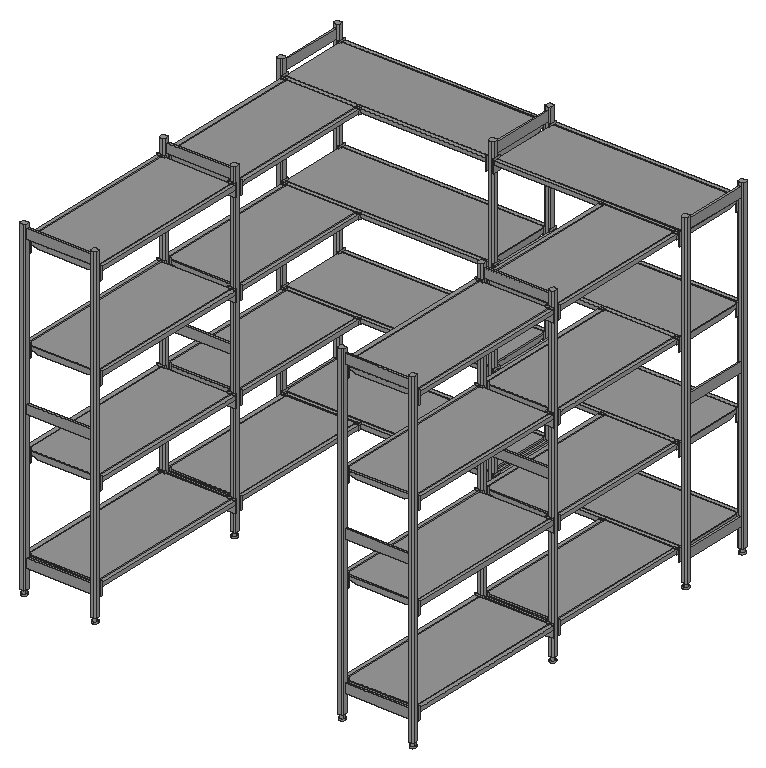
Revit family "QF_ELECTROLUXPROFESSIONAL_137097_CRS2020", category Attrezzature speciali, Revit 2020
Family settings
  Quota connettore circolare = Usa diametro
  Tipo di parte = Normale
  Basato su piano di lavoro = No
  Sempre verticale = Sì
  Taglio con vuoti quando caricato = No
  Condiviso = No
  Punto di calcolo locali = No
Parameters (values of type "Standard")
  Weight = 86.00 kg
  Watts = 0 W
  Volts = 0 V
  URL Manufacturer = "https://www.electroluxprofessional.com/"
  URL = "https://www.electroluxprofessional.com/"
  Steam Supply Size = 0 mm
  Steam Supply Minimum Pressure = 0.0 Pa
  Steam Supply Maximum Pressure = 0.0 Pa
  Steam Consumption per Hour = 0
  Refrigeration Suction Line Size = 0 mm
  Refrigeration Liquid Line Size = 0 mm
  Refrigerant Compressor Remote = yes
  Prospetto di default = 0 mm
  Produttore = "Electrolux Professional"
  Phase = 0
  Modello = "CRS2020"
  Length Actual = 708 mm  # constant formula
  Item Number = "137097"
  Hot Water Size = 0 mm
  Height Actual = 1550 mm  # constant formula
  HP = "0 HP"
  Gas Size = 0 mm
  Gas KW = 0
  Gas Input Pressure = 0 W
  Direct Waste Size = 0 mm
  Descrizione = "ALUM.SHELV.,POLY.TIERS-COLDROOM 203X203"
  Depth Actual = 373 mm  # constant formula
  Cycle = 0 Hz
  Condensate Return Size = 0 mm
  Compressed Air Volume = 0.0 L/s
  Compressed Air Size = 0 mm
  Compressed Air Pressure = 0.0 Pa
  Cold Water Size = 0 mm
  Accessory = yes
Reference planes
  plane 1 "Center (Front/Back)": y = 0
  plane 2: z = 0
  plane 3 "Center (Left/Right)": x = 0
  plane 4: x = -1015
  plane 5: y = 1015
  plane 6: y = -1015
  plane 7: x = 1015
  plane 8: x = -980
  plane 9: x = 980
  plane 10: y = 975.5
  plane 11: y = -975.5
Forms (mm)
  Extrusion 1, solid, material "QF_Clearances", detail levels coarse
    sketch origin (0, 0, 0) x (1, 0, 0) y (0, 1, 0)
      loop
        line (-1015, -1015) -> (1015, -1015) -> (1015, 1015) -> (-1015, 1015) -> (-1015, -1015)
      loop
        line (980, -975.5) -> (980, 975.5) -> (-980, 975.5) -> (-980, -975.5) -> (980, -975.5)
    from 0 to 1590
Lines and regions (mm)
  symbolic lines, style "QF_Clearances"
    curve 1: line (-1015, 1015, 0) -> (-1015, -1015, 0)
    curve 2: line (1015, 1015, 0) -> (-1015, 1015, 0)
    curve 3: line (1015, -1015, 0) -> (1015, 1015, 0)
Dimensions and locks
  equal spacing: plane 5, plane 1 "Center (Front/Back)", plane 6
  plane 5 to plane 6 = 2030 mm
  equal spacing: plane 4, plane 3 "Center (Left/Right)", plane 7
  plane 4 to plane 7 = 2030 mm
  plane 4 to plane 8 = 35 mm
  plane 8 to plane 9 = 1960 mm
  plane 11 to plane 6 = 39.5 mm
  plane 10 to plane 11 = 1951 mm
  aligned and locked: level to plane 2
  aligned and locked: plane 4 to Extrusion 1 sketch curve
  aligned and locked: Extrusion 1 sketch curve to plane 5
  aligned and locked: Extrusion 1 sketch curve to plane 7
  aligned and locked: Extrusion 1 sketch curve to plane 8
  aligned and locked: plane 10 to Extrusion 1 sketch curve
  aligned and locked: plane 9 to Extrusion 1 sketch curve
  aligned and locked: Extrusion 1 sketch curve to plane 11
  aligned and locked: Extrusion 1 sketch curve to plane 6
Automatic sketch dimensions
  curve 1 to plane 4 = 0 mm
  curve 2 to plane 5 = 0 mm
  curve 2 to plane 7 = 0 mm
  curve 1 to plane 6 = 0 mm
  curve 3 to plane 6 = 0 mm
Nested families
  nested 1: "QF_974" at (-430, 952.5, 0), type "QF_974"
  nested 2: "QF_886" at (536, 952.5, 0), type "QF_886"
  nested 3: "QF_708G" at (-728.5, 408, 0), type "QF_708G"
  nested 4: "QF_708G" at (728.5, 408, 0) x (-1, 0, 0) z (0, 0, 1), type "QF_708G"
  nested 5: "QF_798" at (-923, -513.5, 0) x (0, 1, 0) z (0, 0, 1), type "QF_798"
  nested 6: "QF_798" at (596, -513.5, 0) x (0, 1, 0) z (0, 0, 1), type "QF_798"
Definition of nested family "QF_974"
  Parameters
    Default Elevation = 0 mm
    Model = "137013"
    Manufacturer = "Electrolux Professional"
    Description = ""
  Reference planes
    plane 1: z = 0
    plane 2 "Center (Left/Right)": x = -31
    plane 3 "LEFT": x = -550
    plane 4 "RIGHT": x = 488
    plane 5 "BACK": y = 23
    plane 6 "FRONT": y = -350
    plane 7 "TOP": z = 1700
    plane 8: x = 483
    plane 9: x = -518
    plane 10: x = 456
    plane 11 "Center (Front/Back)": y = -163.5
    plane 12: x = 451
    plane 13: y = -8.5
    plane 14: y = -318.5
    plane 15 "FEET": z = 25
    plane 16: z = 140
    plane 17: z = 590
    plane 18: z = 1040
    plane 19: z = 1490
    plane 20 "CXLeft": x = -536
    plane 21 "CXRight": x = 474
    plane 22: y = 5.5
    plane 23 "CYBack": y = 5.5
    plane 24 "CYFront": y = -332.5
  Forms (mm)
    Extrusion 1, solid
      sketch origin (-550, 0, 0) x (0, 1, 0) y (0, 0, 1)
        loop
          line (4, 1515.994) -> (4, 1497.998) -> (23, 1497.998) -> (23, 1515.994) -> (4, 1515.994)
        loop
          line (-331, 1515.994) -> (-350, 1515.994) -> (-350, 1497.998) -> (-331, 1497.998) -> (-331, 1515.994)
        loop
          line (4, 1065.994) -> (4, 1047.998) -> (23, 1047.998) -> (23, 1065.994) -> (4, 1065.994)
        loop
          line (-331, 1065.994) -> (-350, 1065.994) -> (-350, 1047.998) -> (-331, 1047.998) -> (-331, 1065.994)
        loop
          line (4, 615.994) -> (4, 597.998) -> (23, 597.998) -> (23, 615.994) -> (4, 615.994)
        loop
          line (-331, 615.994) -> (-350, 615.994) -> (-350, 597.998) -> (-331, 597.998) -> (-331, 615.994)
        loop
          line (4, 165.994) -> (4, 147.998) -> (23, 147.998) -> (23, 165.994) -> (4, 165.994)
        loop
          line (-331, 165.994) -> (-350, 165.994) -> (-350, 147.998) -> (-331, 147.998) -> (-331, 165.994)
      from 32 to 1006
    Extrusion 2, solid
      sketch origin (-550, 0, 135) x (0, 1, 0) y (0, 0, 1)
        loop
          line (2.007, 1380.994) -> (-329, 1380.994) -> (-329, 1374.496) -> (2.007, 1374.496) -> (2.007, 1380.994)
        loop
          line (2.007, 930.994) -> (-329, 930.994) -> (-329, 924.496) -> (2.007, 924.496) -> (2.007, 930.994)
        loop
          line (2.007, 480.994) -> (-329, 480.994) -> (-329, 474.496) -> (2.007, 474.496) -> (2.007, 480.994)
        loop
          line (2.007, 30.994) -> (-329, 30.994) -> (-329, 24.496) -> (2.007, 24.496) -> (2.007, 30.994)
      from 32 to 1006
    Extrusion 3, solid
      sketch origin (488, 0, 135) x (0, 1, 0) y (0, 0, 1)
        loop
          line (-12, 1362.998) -> (4, 1362.998) -> (4, 1380.994) -> (2.007, 1380.994) -> (2.007, 1374.496) -> (-329, 1374.496) -> (-329, 1380.994) -> (-331, 1380.994) -> (-331, 1362.998) -> (-315, 1362.998) -> (-281, 1350.994) -> (-46, 1350.994) -> (-12, 1362.998)
        loop
          line (-12, 912.998) -> (4, 912.998) -> (4, 930.994) -> (2.007, 930.994) -> (2.007, 924.496) -> (-329, 924.496) -> (-329, 930.994) -> (-331, 930.994) -> (-331, 912.998) -> (-315, 912.998) -> (-281, 900.994) -> (-46, 900.994) -> (-12, 912.998)
        loop
          line (-12, 462.998) -> (4, 462.998) -> (4, 480.994) -> (2.007, 480.994) -> (2.007, 474.496) -> (-329, 474.496) -> (-329, 480.994) -> (-331, 480.994) -> (-331, 462.998) -> (-315, 462.998) -> (-281, 450.994) -> (-46, 450.994) -> (-12, 462.998)
        loop
          line (-12, 12.998) -> (4, 12.998) -> (4, 30.994) -> (2.007, 30.994) -> (2.007, 24.496) -> (-329, 24.496) -> (-329, 30.994) -> (-331, 30.994) -> (-331, 12.998) -> (-315, 12.998) -> (-281, 0.994) -> (-46, 0.994) -> (-12, 12.998)
      from -32 to -37
  Lines and regions (mm)
    symbolic lines
      curve 1: line (456, 4, 1700) -> (-518, 4, 1700)
      curve 2: line (-522, 23, 1700) -> (460, 23, 1700)
      curve 3: line (460, 13.246, 1700) -> (466.254, 19.5, 1700)
      curve 4: line (466.254, -8.5, 1700) -> (460, -2.246, 1700)
      curve 5: line (466.254, -318.5, 1700) -> (460, -324.754, 1700)
      curve 6: line (-522, -350, 1700) -> (460, -350, 1700)
      curve 7: line (460, 23, 1700) -> (460, -12.993, 1700)
      curve 8: line (460, -12.993, 1700) -> (456, -12.993, 1700)
      curve 9: line (460, -350, 1700) -> (460, -314.007, 1700)
      curve 10: line (460, -314.007, 1700) -> (456, -314.007, 1700)
      curve 11: line (-518, -12.993, 1700) -> (-518, -314.007, 1700)
      curve 12: line (-518, -331, 1700) -> (456, -331, 1700)
      curve 13: line (456, -12.993, 1700) -> (456, -314.007, 1700)
  Dimensions and locks
    locked: plane 3 "LEFT" to plane 4 "RIGHT" at 1038
    equal spacing: plane 3 "LEFT", plane 2 "Center (Left/Right)", plane 4 "RIGHT"
    locked: plane 7 "TOP" to level at 1700
    locked: plane 5 "BACK" to plane 6 "FRONT" at 373
    locked: plane 4 "RIGHT" to plane 8 at 5
    locked: plane 9 to plane 10 at 974
    locked: plane 3 "LEFT" to plane 9 at 32
    plane 12 to plane 10 = 5 mm
    locked: plane 13 to plane 14 at 310
    equal spacing: plane 13, plane 11 "Center (Front/Back)", plane 14
    equal spacing: plane 5 "BACK", plane 11 "Center (Front/Back)", plane 6 "FRONT"
    plane 15 "FEET" to level = 25 mm
    plane 7 "TOP" to plane 15 "FEET" = 1675 mm
    plane 17 to plane 16 = 450 mm
    plane 18 to plane 17 = 450 mm
    plane 19 to plane 18 = 450 mm
    locked: plane 3 "LEFT" to plane 20 "CXLeft" at 14
    locked: plane 21 "CXRight" to plane 4 "RIGHT" at 14
    locked: plane 5 "BACK" to plane 23 "CYBack" at 17.5
    locked: plane 24 "CYFront" to plane 6 "FRONT" at 17.5
    plane 16 to level = 140 mm
    plane 17 to level = 590 mm
    plane 18 to level = 1040 mm
    plane 19 to level = 1490 mm
    aligned and locked: level to plane 1
    aligned and locked: plane 9 to Extrusion 2
    aligned and locked: Extrusion 2 to plane 10
    aligned and locked: plane 9 to Extrusion 1
    aligned and locked: Extrusion 1 to plane 10
    aligned and locked: Extrusion 1 sketch curve to Extrusion 1 sketch curve  (x2)
    aligned and locked: Extrusion 3 sketch curve to Extrusion 3 sketch curve  (x3)
    aligned and locked: Extrusion 3 to plane 12
    aligned and locked: Extrusion 3 to plane 10
    aligned and locked: plane 20 "CXLeft" to nested 1
    aligned and locked: plane 21 "CXRight" to nested 2
  Automatic sketch dimensions
    Extrusion 1 sketch curve to plane 6 "FRONT" = 0 mm  (x4)
    Extrusion 1 sketch curve to plane 5 "BACK" = 0 mm  (x4)
    plane 24 "CYFront" to Extrusion 1 sketch curve = 1.5 mm  (x2)
    plane 22 to Extrusion 1 sketch curve = 1.5 mm  (x4)
    plane 16 to Extrusion 1 sketch curve = 7.998 mm  (x2)
    Extrusion 1 sketch curve to Extrusion 1 sketch curve = 17.997 mm  (x8)
    plane 17 to Extrusion 1 sketch curve = 7.998 mm  (x2)
    plane 18 to Extrusion 1 sketch curve = 7.998 mm  (x2)
    plane 19 to Extrusion 1 sketch curve = 7.998 mm  (x2)
    plane 24 "CYFront" to Extrusion 2 sketch curve = 3.5 mm  (x4)
    plane 22 to Extrusion 2 sketch curve = 3.493 mm  (x4)
    plane 16 to Extrusion 2 sketch curve = 19.496 mm
    Extrusion 2 sketch curve to Extrusion 2 sketch curve = 6.499 mm  (x4)
    plane 17 to Extrusion 2 sketch curve = 19.496 mm
    plane 18 to Extrusion 2 sketch curve = 19.496 mm
    plane 19 to Extrusion 2 sketch curve = 19.496 mm
    plane 24 "CYFront" to Extrusion 3 sketch curve = 1.5 mm  (x4)
    Extrusion 3 sketch curve to Extrusion 3 sketch curve = 2 mm
    plane 14 to Extrusion 3 sketch curve = 3.5 mm  (x4)
    Extrusion 3 sketch curve to plane 16 = 4.006 mm
    Extrusion 3 sketch curve to Extrusion 3 sketch curve = 34 mm  (x4)
    Extrusion 3 sketch curve to plane 17 = 4.006 mm
    Extrusion 3 sketch curve to plane 18 = 4.006 mm
    Extrusion 3 sketch curve to plane 19 = 4.006 mm
    Extrusion 3 sketch curve to plane 13 = 37.5 mm  (x4)
    Extrusion 3 sketch curve to plane 13 = 3.5 mm  (x4)
    plane 22 to Extrusion 3 sketch curve = 3.493 mm  (x4)
    plane 22 to Extrusion 3 sketch curve = 1.5 mm  (x4)
    plane 16 to Extrusion 3 sketch curve = 7.998 mm  (x2)
    Extrusion 3 sketch curve to Extrusion 3 sketch curve = 11.498 mm  (x4)
    Extrusion 3 sketch curve to Extrusion 3 sketch curve = 6.499 mm  (x8)
    plane 17 to Extrusion 3 sketch curve = 7.998 mm  (x2)
    plane 18 to Extrusion 3 sketch curve = 7.998 mm  (x2)
    plane 19 to Extrusion 3 sketch curve = 7.998 mm  (x2)
    curve 6 to plane 6 "FRONT" = 0 mm
    curve 12 to plane 9 = 0 mm
    curve 12 to plane 10 = 0 mm
    curve 5 to plane 14 = 0 mm
    curve 11 to plane 9 = 0 mm
    curve 8 to plane 10 = 0 mm
    curve 4 to plane 13 = 0 mm
    curve 1 to plane 9 = 0 mm
    curve 1 to plane 10 = 0 mm
    curve 2 to plane 5 "BACK" = 0 mm
    plane 14 to curve 10 = 4.493 mm
    curve 7 to plane 13 = 4.493 mm
    curve 10 to plane 10 = 4 mm
    curve 7 to plane 10 = 4 mm
    plane 24 "CYFront" to curve 12 = 1.5 mm
    curve 5 to plane 14 = 6.254 mm
    plane 14 to curve 11 = 4.493 mm
    curve 11 to plane 13 = 4.493 mm
    plane 13 to curve 4 = 6.254 mm
    plane 22 to curve 1 = 1.5 mm
    curve 3 to plane 22 = 7.746 mm
    curve 3 to plane 5 "BACK" = 3.5 mm
    curve 5 to curve 9 = 6.254 mm
    curve 3 to curve 2 = 6.254 mm
    curve 4 to curve 7 = 6.254 mm
    plane 9 to curve 2 = 4 mm
    plane 9 to curve 6 = 4 mm
  Nested families
    nested 1: "WT_Anta373B" at (-133, 0, 0), type "WT_Anta373B"
    nested 2: "WT_Anta373B" at (71, 0, 0) x (-1, 0, 0) z (0, 0, 1), type "WT_Anta373B"
  Definition of nested family "WT_Anta373B"
    Parameters
      WidthLeft = A + 64 mm  # 772 mm
      Width = 1606 mm
      Right = WidthLeft / 2  # 386 mm
      Default Elevation = 0 mm
      Left = -WidthLeft / 2  # -386 mm
      Height = 1590 mm
      FEET = 25 mm
      E = 0 mm
      Dint = Depth - 63 mm  # 310 mm
      Dext = Depth - 8 mm  # 365 mm
      Depth = 373 mm
      DX = (WidthLeft - A) / 2  # 32 mm
      B = 798 mm
      A = 708 mm
    Reference planes
      plane 1: z = 0
      plane 2 "LEFT": x = -417
      plane 3 "BACK": y = 23
      plane 4 "FRONT": y = -350
      plane 5 "TOP": z = 1590
      plane 6 "Center (Front/Back)": y = -163.5
      plane 7: y = -8.5
      plane 8: y = -318.5
      plane 9 "FEET": z = 25
      plane 10: z = 140
      plane 11: z = 590
      plane 12: z = 1040
      plane 13: z = 1490
      plane 14 "CXLeft": x = -403
      plane 15: y = 5.5
      plane 16 "CYBack": y = 5.5
      plane 17 "CYFront": y = -332.5
      plane 18: x = -385.031
      plane 19: x = -380.031
    Forms (mm)
      Extrusion 1, solid
        sketch origin (0, 0, 0) x (1, 0, 0) y (0, 1, 0)
          loop
            line (-417, 13.246) -> (-417, -2.246) -> (-410.746, -8.5) -> (-395.254, -8.5) -> (-389, -2.246) -> (-389, 13.246) -> (-395.254, 19.5) -> (-410.746, 19.5) -> (-417, 13.246)
        from 1590 to 25
      Extrusion 2, solid
        sketch origin (-417, 0, 0) x (0, 1, 0) y (0, 0, 1)
          loop
            line (23, 111.005) -> (23, 172.993) -> (-12.993, 172.993) -> (-12.993, 111.005) -> (23, 111.005)
          loop
            line (-350, 111.005) -> (-314.007, 111.005) -> (-314.007, 172.993) -> (-350, 172.993) -> (-350, 111.005)
          loop
            line (23, 561.005) -> (23, 622.993) -> (-12.993, 622.993) -> (-12.993, 561.005) -> (23, 561.005)
          loop
            line (-350, 561.005) -> (-314.007, 561.005) -> (-314.007, 622.993) -> (-350, 622.993) -> (-350, 561.005)
          loop
            line (23, 1011.005) -> (23, 1072.993) -> (-12.993, 1072.993) -> (-12.993, 1011.005) -> (23, 1011.005)
          loop
            line (-350, 1011.005) -> (-314.007, 1011.005) -> (-314.007, 1072.993) -> (-350, 1072.993) -> (-350, 1011.005)
          loop
            line (23, 1461.005) -> (23, 1522.993) -> (-12.993, 1522.993) -> (-12.993, 1461.005) -> (23, 1461.005)
          loop
            line (-350, 1461.005) -> (-314.007, 1461.005) -> (-314.007, 1522.993) -> (-350, 1522.993) -> (-350, 1461.005)
        from 28 to 32
      Revolve 3, solid
        sketch origin (-403, 0, 0) x (0, 1, 0) y (0, 0, 1)
          loop
            line (5.5, 25) -> (5.5, 0) -> (19, 0) -> (19, 5) -> (14, 5) -> (14, 25) -> (5.5, 25)
          axis (5.5, 25) -> (5.5, 0)
        angle from 0 to 360
      Extrusion 4, solid
        sketch origin (-403, 0, 0) x (0, 1, 0) y (0, 0, 1)
          loop
            line (-8.5, 777.382) -> (-8.5, 822.374) -> (-318.5, 822.374) -> (-318.5, 777.382) -> (-8.5, 777.382)
          loop
            line (-8.5, 1527.244) -> (-8.5, 1572.236) -> (-318.5, 1572.236) -> (-318.5, 1527.244) -> (-8.5, 1527.244)
        from -5 to 5
      Revolve 5, solid
        sketch origin (-403, -627, 0) x (0, -1, 0) y (0, 0, 1)
          loop
            line (-294.5, 25) -> (-294.5, 0) -> (-281, 0) -> (-281, 5) -> (-286, 5) -> (-286, 25) -> (-294.5, 25)
          axis (-294.5, 25) -> (-294.5, 0)
        angle from 0 to 360
      Extrusion 6, solid
        sketch origin (0, -627, 0) x (1, 0, 0) y (0, 1, 0)
          loop
            line (-417, 286.754) -> (-410.746, 280.5) -> (-395.254, 280.5) -> (-389, 286.754) -> (-389, 302.246) -> (-395.254, 308.5) -> (-410.746, 308.5) -> (-417, 302.246) -> (-417, 286.754)
        from 1590 to 25
      Extrusion 7, solid
        sketch origin (-417.031, -0.022, 0) x (0, 1, 0) y (0, 0, -1)
          loop
            line (-12, -1497.998) -> (-46, -1485.994) -> (-281, -1485.994) -> (-315, -1497.998) -> (-331, -1497.998) -> (-331, -1515.994) -> (-329, -1515.994) -> (-329, -1509.496) -> (2.007, -1509.496) -> (2.007, -1515.994) -> (4, -1515.994) -> (4, -1497.998) -> (-12, -1497.998)
          loop
            line (-12, -1047.998) -> (-46, -1035.994) -> (-281, -1035.994) -> (-315, -1047.998) -> (-331, -1047.998) -> (-331, -1065.994) -> (-329, -1065.994) -> (-329, -1059.496) -> (2.007, -1059.496) -> (2.007, -1065.994) -> (4, -1065.994) -> (4, -1047.998) -> (-12, -1047.998)
          loop
            line (-12, -597.998) -> (-46, -585.994) -> (-281, -585.994) -> (-315, -597.998) -> (-331, -597.998) -> (-331, -615.994) -> (-329, -615.994) -> (-329, -609.496) -> (2.007, -609.496) -> (2.007, -615.994) -> (4, -615.994) -> (4, -597.998) -> (-12, -597.998)
          loop
            line (-12, -147.998) -> (-46, -135.994) -> (-281, -135.994) -> (-315, -147.998) -> (-331, -147.998) -> (-331, -165.994) -> (-329, -165.994) -> (-329, -159.496) -> (2.007, -159.496) -> (2.007, -165.994) -> (4, -165.994) -> (4, -147.998) -> (-12, -147.998)
        from -32 to -37
      Extrusion 8, solid
        sketch origin (-403, 0, -659.878) x (0, 1, 0) y (0, 0, 1)
          loop
            line (-8.5, 777.382) -> (-8.5, 822.374) -> (-318.5, 822.374) -> (-318.5, 777.382) -> (-8.5, 777.382)
          loop
            line (-8.5, 1437.382) -> (-8.5, 1482.374) -> (-318.5, 1482.374) -> (-318.5, 1437.382) -> (-8.5, 1437.382)
          loop
            line (-8.5, 2187.382) -> (-8.5, 2232.374) -> (-318.5, 2232.374) -> (-318.5, 2187.382) -> (-8.5, 2187.382)
        from -5 to 5
    Lines and regions (mm)
      symbolic lines
        curve 1: line (-408, -8.5, 1590) -> (-408, -318.5, 1590)
        curve 2: line (-398, -318.5, 1590) -> (-398, -8.5, 1590)
        curve 3: line (-395.254, -8.5, 1590) -> (-410.746, -8.5, 1590)
        curve 4: line (-417, -2.246, 1590) -> (-410.746, -8.5, 1590)
        curve 5: line (-417, 13.246, 1590) -> (-417, -2.246, 1590)
        curve 6: line (-410.746, 19.5, 1590) -> (-417, 13.246, 1590)
        curve 7: line (-395.254, 19.5, 1590) -> (-410.746, 19.5, 1590)
        curve 8: line (-389, 13.246, 1590) -> (-395.254, 19.5, 1590)
        curve 9: line (-395.254, -8.5, 1590) -> (-389, -2.246, 1590)
        curve 10: line (-395.254, -318.5, 1590) -> (-410.746, -318.5, 1590)
        curve 11: line (-417, -324.754, 1590) -> (-410.746, -318.5, 1590)
        curve 12: line (-410.746, -346.5, 1590) -> (-417, -340.246, 1590)
        curve 13: line (-395.254, -346.5, 1590) -> (-410.746, -346.5, 1590)
        curve 14: line (-389, -340.246, 1590) -> (-395.254, -346.5, 1590)
        curve 15: line (-395.254, -318.5, 1590) -> (-389, -324.754, 1590)
        curve 16: line (-389, -350, 1590) -> (-389, -314.007, 1590)
        curve 17: line (-389, -314.007, 1590) -> (-385, -314.007, 1590)
        curve 18: line (-389, 23, 1590) -> (-389, -12.993, 1590)
        curve 19: line (-389, -12.993, 1590) -> (-385, -12.993, 1590)
        curve 20: line (-417, -324.754, 1590) -> (-417, -340.246, 1590)
        curve 21: line (-385, -350, 1590) -> (-385, -314.007, 1590)
        curve 22: line (-385, -350, 1590) -> (-389, -350, 1590)
        curve 23: line (-385, 23, 1590) -> (-389, 23, 1590)
        curve 24: line (-385, -12.993, 1590) -> (-385, 23, 1590)
        curve 25: line (-385.031, -13.016, 1725) -> (-385.031, -314.029, 1725)
    Dimensions and locks
      "Depth": plane 3 "BACK" to plane 4 "FRONT"
      "Dint": plane 7 to plane 8
      equal spacing: plane 7, plane 6 "Center (Front/Back)", plane 8
      equal spacing: plane 3 "BACK", plane 6 "Center (Front/Back)", plane 4 "FRONT"
      plane 9 "FEET" to level = 25 mm
      plane 10 to plane 9 "FEET" = 115 mm
      plane 11 to plane 10 = 450 mm
      plane 12 to plane 11 = 450 mm
      plane 13 to plane 12 = 450 mm
      locked: plane 2 "LEFT" to plane 14 "CXLeft" at 14
      locked: plane 3 "BACK" to plane 16 "CYBack" at 17.5
      locked: plane 17 "CYFront" to plane 4 "FRONT" at 17.5
      locked: Revolve 3 sketch curve to Revolve 3 sketch curve at 8.5
      locked: Revolve 3 sketch curve to plane 16 "CYBack" at 13.5
      locked: Revolve 5 sketch curve to Revolve 5 sketch curve at 8.5
      plane 10 to level = 140 mm
      plane 11 to level = 590 mm
      plane 12 to level = 1040 mm
      plane 13 to level = 1490 mm
      "Height": plane 5 "TOP" to level
      aligned and locked: level to plane 1
      aligned and locked: curve 20 to Extrusion 6
      aligned and locked: plane 5 "TOP" to Extrusion 1
      aligned and locked: plane 5 "TOP" to Extrusion 6
      aligned and locked: Extrusion 7 sketch curve to Extrusion 7 sketch curve  (x3)
    Automatic sketch dimensions
      curve 16 to plane 4 "FRONT" = 0 mm
      curve 11 to plane 8 = 0 mm
      curve 9 to plane 7 = 0 mm
      curve 5 to plane 2 "LEFT" = 0 mm
      curve 23 to plane 3 "BACK" = 0 mm
      plane 4 "FRONT" to curve 13 = 3.5 mm
      curve 20 to plane 17 "CYFront" = 7.746 mm
      curve 20 to plane 8 = 6.254 mm
      plane 8 to curve 16 = 4.493 mm
      curve 24 to plane 18 = 0.031 mm
      curve 24 to plane 7 = 4.493 mm
      plane 7 to curve 5 = 6.254 mm
      curve 5 to plane 15 = 7.746 mm
      curve 6 to plane 3 "BACK" = 3.5 mm
      curve 21 to plane 18 = 0.031 mm
      plane 18 to curve 23 = 3.969 mm
      plane 18 to curve 16 = 3.969 mm
      curve 18 to curve 8 = 6.254 mm
      curve 18 to curve 3 = 6.254 mm
      curve 16 to curve 13 = 6.254 mm
      curve 16 to curve 15 = 6.254 mm
      plane 2 "LEFT" to curve 10 = 6.254 mm
      plane 2 "LEFT" to curve 7 = 6.254 mm
      plane 2 "LEFT" to curve 12 = 6.254 mm
      plane 2 "LEFT" to curve 3 = 6.254 mm
      curve 14 to plane 17 "CYFront" = 7.746 mm
      curve 15 to plane 8 = 6.254 mm
      plane 7 to curve 9 = 6.254 mm
      curve 8 to plane 15 = 7.746 mm
      curve 3 to curve 2 = 2.746 mm
      curve 1 to curve 10 = 2.746 mm
      Extrusion 1 sketch curve to plane 2 "LEFT" = 0 mm
      Extrusion 1 sketch curve to plane 7 = 0 mm
      plane 2 "LEFT" to Extrusion 1 sketch curve = 6.254 mm  (x2)
      plane 14 "CXLeft" to Extrusion 1 sketch curve = 7.746 mm  (x2)
      Extrusion 1 sketch curve to plane 3 "BACK" = 3.5 mm
      plane 18 to Extrusion 1 sketch curve = 3.969 mm
      plane 7 to Extrusion 1 sketch curve = 6.254 mm  (x2)
      Extrusion 1 sketch curve to plane 15 = 7.746 mm  (x2)
      Extrusion 2 sketch curve to plane 4 "FRONT" = 0 mm  (x4)
      Extrusion 2 sketch curve to plane 3 "BACK" = 0 mm  (x4)
      plane 8 to Extrusion 2 sketch curve = 4.493 mm  (x4)
      Extrusion 2 sketch curve to plane 7 = 4.493 mm  (x4)
      Extrusion 2 sketch curve to plane 10 = 28.995 mm  (x2)
      plane 10 to Extrusion 2 sketch curve = 32.993 mm  (x2)
      Extrusion 2 sketch curve to plane 11 = 28.995 mm  (x2)
      plane 11 to Extrusion 2 sketch curve = 32.993 mm  (x2)
      Extrusion 2 sketch curve to plane 12 = 28.995 mm  (x2)
      plane 12 to Extrusion 2 sketch curve = 32.993 mm  (x2)
      Extrusion 2 sketch curve to plane 13 = 28.995 mm  (x2)
      plane 13 to Extrusion 2 sketch curve = 32.993 mm  (x2)
      Revolve 3 sketch curve to plane 9 "FEET" = 0 mm  (x2)
      Revolve 3 sketch curve to plane 15 = 0 mm  (x2)
      Revolve 3 sketch curve to level = 0 mm
      level to Revolve 3 sketch curve = 5 mm
      Revolve 3 sketch curve to Revolve 3 sketch curve = 11.655 mm
      Extrusion 4 sketch curve to plane 8 = 0 mm  (x2)
      Extrusion 4 sketch curve to plane 7 = 0 mm  (x2)
      plane 11 to Extrusion 4 sketch curve = 187.382 mm
      Extrusion 4 sketch curve to Extrusion 4 sketch curve = 44.992 mm
      plane 13 to Extrusion 4 sketch curve = 37.244 mm
      Extrusion 4 sketch curve to plane 5 "TOP" = 17.764 mm
      Revolve 5 sketch curve to plane 9 "FEET" = 0 mm  (x2)
      Revolve 5 sketch curve to plane 17 "CYFront" = 0 mm  (x2)
      Revolve 5 sketch curve to level = 0 mm
      Revolve 5 sketch curve to plane 4 "FRONT" = 4 mm
      Revolve 5 sketch curve to Revolve 5 sketch curve = 5 mm
      level to Revolve 5 sketch curve = 11.655 mm
      Extrusion 6 sketch curve to plane 2 "LEFT" = 0 mm
      Extrusion 6 sketch curve to plane 8 = 0 mm
      Extrusion 6 sketch curve to plane 2 "LEFT" = 6.254 mm  (x2)
      Extrusion 6 sketch curve to plane 14 "CXLeft" = 7.746 mm  (x2)
      Extrusion 6 sketch curve to plane 4 "FRONT" = 3.5 mm
      Extrusion 6 sketch curve to plane 18 = 3.969 mm
      plane 8 to Extrusion 6 sketch curve = 6.254 mm  (x2)
      plane 17 "CYFront" to Extrusion 6 sketch curve = 7.746 mm  (x2)
      plane 17 "CYFront" to Extrusion 7 sketch curve = 1.478 mm  (x4)
      Extrusion 7 sketch curve to Extrusion 7 sketch curve = 2 mm
      plane 8 to Extrusion 7 sketch curve = 3.478 mm  (x4)
      Extrusion 7 sketch curve to plane 10 = 4.006 mm
      Extrusion 7 sketch curve to Extrusion 7 sketch curve = 34 mm  (x4)
      Extrusion 7 sketch curve to plane 11 = 4.006 mm
      Extrusion 7 sketch curve to plane 12 = 4.006 mm
      Extrusion 7 sketch curve to plane 13 = 4.006 mm
      Extrusion 7 sketch curve to plane 7 = 37.522 mm  (x4)
      Extrusion 7 sketch curve to plane 7 = 3.522 mm  (x4)
      plane 15 to Extrusion 7 sketch curve = 3.516 mm  (x4)
      plane 15 to Extrusion 7 sketch curve = 1.522 mm  (x4)
      plane 13 to Extrusion 7 sketch curve = 7.998 mm  (x2)
      Extrusion 7 sketch curve to Extrusion 7 sketch curve = 11.498 mm
      Extrusion 7 sketch curve to Extrusion 7 sketch curve = 6.499 mm  (x5)
      plane 12 to Extrusion 7 sketch curve = 25.994 mm  (x2)
      plane 12 to Extrusion 7 sketch curve = 7.998 mm  (x2)
      plane 11 to Extrusion 7 sketch curve = 25.994 mm  (x2)
      plane 11 to Extrusion 7 sketch curve = 7.998 mm  (x2)
      plane 10 to Extrusion 7 sketch curve = 25.994 mm  (x2)
      plane 10 to Extrusion 7 sketch curve = 7.998 mm  (x2)
      curve 25 to plane 18 = 0 mm
      plane 8 to curve 25 = 4.471 mm
      curve 25 to plane 7 = 4.516 mm
      Extrusion 8 sketch curve to plane 8 = 0 mm  (x3)
      Extrusion 8 sketch curve to plane 7 = 0 mm  (x3)
      Extrusion 8 sketch curve to plane 10 = 22.496 mm
      plane 10 to Extrusion 8 sketch curve = 22.496 mm
      plane 11 to Extrusion 8 sketch curve = 187.504 mm
      Extrusion 8 sketch curve to Extrusion 8 sketch curve = 44.992 mm
      plane 13 to Extrusion 8 sketch curve = 37.504 mm
      Extrusion 8 sketch curve to plane 5 "TOP" = 17.504 mm
Definition of nested family "QF_886"
  Parameters
    Default Elevation = 0 mm
    Model = "137012"
    Manufacturer = "Electrolux Professional"
    Description = ""
  Reference planes
    plane 1: z = 0
    plane 2 "Center (Left/Right)": x = -31
    plane 3 "LEFT": x = -506
    plane 4 "RIGHT": x = 444
    plane 5 "BACK": y = 23
    plane 6 "FRONT": y = -350
    plane 7 "TOP": z = 1700
    plane 8: x = 439
    plane 9: x = -474
    plane 10: x = 412
    plane 11 "Center (Front/Back)": y = -163.5
    plane 12: x = 407
    plane 13: y = -8.5
    plane 14: y = -318.5
    plane 15 "FEET": z = 25
    plane 16: z = 140
    plane 17: z = 590
    plane 18: z = 1040
    plane 19: z = 1490
    plane 20 "CXLeft": x = -492
    plane 21 "CXRight": x = 430
    plane 22: y = 5.5
    plane 23 "CYBack": y = 5.5
    plane 24 "CYFront": y = -332.5
  Forms (mm)
    Extrusion 1, solid
      sketch origin (-506, 0, 0) x (0, 1, 0) y (0, 0, 1)
        loop
          line (4, 1515.994) -> (4, 1497.998) -> (23, 1497.998) -> (23, 1515.994) -> (4, 1515.994)
        loop
          line (-331, 1515.994) -> (-350, 1515.994) -> (-350, 1497.998) -> (-331, 1497.998) -> (-331, 1515.994)
        loop
          line (4, 1065.994) -> (4, 1047.998) -> (23, 1047.998) -> (23, 1065.994) -> (4, 1065.994)
        loop
          line (-331, 1065.994) -> (-350, 1065.994) -> (-350, 1047.998) -> (-331, 1047.998) -> (-331, 1065.994)
        loop
          line (4, 615.994) -> (4, 597.998) -> (23, 597.998) -> (23, 615.994) -> (4, 615.994)
        loop
          line (-331, 615.994) -> (-350, 615.994) -> (-350, 597.998) -> (-331, 597.998) -> (-331, 615.994)
        loop
          line (4, 165.994) -> (4, 147.998) -> (23, 147.998) -> (23, 165.994) -> (4, 165.994)
        loop
          line (-331, 165.994) -> (-350, 165.994) -> (-350, 147.998) -> (-331, 147.998) -> (-331, 165.994)
      from 32 to 918
    Extrusion 2, solid
      sketch origin (-506, 0, 135) x (0, 1, 0) y (0, 0, 1)
        loop
          line (2.007, 1380.994) -> (-329, 1380.994) -> (-329, 1374.496) -> (2.007, 1374.496) -> (2.007, 1380.994)
        loop
          line (2.007, 930.994) -> (-329, 930.994) -> (-329, 924.496) -> (2.007, 924.496) -> (2.007, 930.994)
        loop
          line (2.007, 480.994) -> (-329, 480.994) -> (-329, 474.496) -> (2.007, 474.496) -> (2.007, 480.994)
        loop
          line (2.007, 30.994) -> (-329, 30.994) -> (-329, 24.496) -> (2.007, 24.496) -> (2.007, 30.994)
      from 32 to 918
    Extrusion 3, solid
      sketch origin (444, 0, 135) x (0, 1, 0) y (0, 0, 1)
        loop
          line (-12, 1362.998) -> (4, 1362.998) -> (4, 1380.994) -> (2.007, 1380.994) -> (2.007, 1374.496) -> (-329, 1374.496) -> (-329, 1380.994) -> (-331, 1380.994) -> (-331, 1362.998) -> (-315, 1362.998) -> (-281, 1350.994) -> (-46, 1350.994) -> (-12, 1362.998)
        loop
          line (-12, 912.998) -> (4, 912.998) -> (4, 930.994) -> (2.007, 930.994) -> (2.007, 924.496) -> (-329, 924.496) -> (-329, 930.994) -> (-331, 930.994) -> (-331, 912.998) -> (-315, 912.998) -> (-281, 900.994) -> (-46, 900.994) -> (-12, 912.998)
        loop
          line (-12, 462.998) -> (4, 462.998) -> (4, 480.994) -> (2.007, 480.994) -> (2.007, 474.496) -> (-329, 474.496) -> (-329, 480.994) -> (-331, 480.994) -> (-331, 462.998) -> (-315, 462.998) -> (-281, 450.994) -> (-46, 450.994) -> (-12, 462.998)
        loop
          line (-12, 12.998) -> (4, 12.998) -> (4, 30.994) -> (2.007, 30.994) -> (2.007, 24.496) -> (-329, 24.496) -> (-329, 30.994) -> (-331, 30.994) -> (-331, 12.998) -> (-315, 12.998) -> (-281, 0.994) -> (-46, 0.994) -> (-12, 12.998)
      from -32 to -37
  Lines and regions (mm)
    symbolic lines
      curve 1: line (412, 4, 1700) -> (-474, 4, 1700)
      curve 2: line (-478, 23, 1700) -> (416, 23, 1700)
      curve 3: line (416, 13.246, 1700) -> (422.254, 19.5, 1700)
      curve 4: line (422.254, -8.5, 1700) -> (416, -2.246, 1700)
      curve 5: line (422.254, -318.5, 1700) -> (416, -324.754, 1700)
      curve 6: line (-478, -350, 1700) -> (416, -350, 1700)
      curve 7: line (416, 23, 1700) -> (416, -12.993, 1700)
      curve 8: line (416, -12.993, 1700) -> (412, -12.993, 1700)
      curve 9: line (416, -350, 1700) -> (416, -314.007, 1700)
      curve 10: line (416, -314.007, 1700) -> (412, -314.007, 1700)
      curve 11: line (-474, -12.993, 1700) -> (-474, -314.007, 1700)
      curve 12: line (-474, -331, 1700) -> (412, -331, 1700)
      curve 13: line (412, -12.993, 1700) -> (412, -314.007, 1700)
  Dimensions and locks
    locked: plane 3 "LEFT" to plane 4 "RIGHT" at 950
    equal spacing: plane 3 "LEFT", plane 2 "Center (Left/Right)", plane 4 "RIGHT"
    locked: plane 7 "TOP" to level at 1700
    locked: plane 5 "BACK" to plane 6 "FRONT" at 373
    locked: plane 4 "RIGHT" to plane 8 at 5
    locked: plane 9 to plane 10 at 886
    locked: plane 3 "LEFT" to plane 9 at 32
    plane 12 to plane 10 = 5 mm
    locked: plane 13 to plane 14 at 310
    equal spacing: plane 13, plane 11 "Center (Front/Back)", plane 14
    equal spacing: plane 5 "BACK", plane 11 "Center (Front/Back)", plane 6 "FRONT"
    plane 15 "FEET" to level = 25 mm
    plane 7 "TOP" to plane 15 "FEET" = 1675 mm
    plane 17 to plane 16 = 450 mm
    plane 18 to plane 17 = 450 mm
    plane 19 to plane 18 = 450 mm
    locked: plane 3 "LEFT" to plane 20 "CXLeft" at 14
    locked: plane 21 "CXRight" to plane 4 "RIGHT" at 14
    locked: plane 5 "BACK" to plane 23 "CYBack" at 17.5
    locked: plane 24 "CYFront" to plane 6 "FRONT" at 17.5
    plane 16 to level = 140 mm
    plane 17 to level = 590 mm
    plane 18 to level = 1040 mm
    plane 19 to level = 1490 mm
    aligned and locked: level to plane 1
    aligned and locked: plane 9 to Extrusion 2
    aligned and locked: Extrusion 2 to plane 10
    aligned and locked: plane 9 to Extrusion 1
    aligned and locked: Extrusion 1 to plane 10
    aligned and locked: Extrusion 1 sketch curve to Extrusion 1 sketch curve  (x2)
    aligned and locked: Extrusion 3 sketch curve to Extrusion 3 sketch curve  (x3)
    aligned and locked: Extrusion 3 to plane 12
    aligned and locked: Extrusion 3 to plane 10
    aligned and locked: plane 20 "CXLeft" to nested 1
    aligned and locked: plane 21 "CXRight" to nested 2
  Automatic sketch dimensions
    Extrusion 1 sketch curve to plane 6 "FRONT" = 0 mm  (x4)
    Extrusion 1 sketch curve to plane 5 "BACK" = 0 mm  (x4)
    plane 24 "CYFront" to Extrusion 1 sketch curve = 1.5 mm  (x2)
    plane 22 to Extrusion 1 sketch curve = 1.5 mm  (x4)
    plane 16 to Extrusion 1 sketch curve = 7.998 mm  (x2)
    Extrusion 1 sketch curve to Extrusion 1 sketch curve = 17.997 mm  (x8)
    plane 17 to Extrusion 1 sketch curve = 7.998 mm  (x2)
    plane 18 to Extrusion 1 sketch curve = 7.998 mm  (x2)
    plane 19 to Extrusion 1 sketch curve = 7.998 mm  (x2)
    plane 24 "CYFront" to Extrusion 2 sketch curve = 3.5 mm  (x4)
    plane 22 to Extrusion 2 sketch curve = 3.493 mm  (x4)
    plane 16 to Extrusion 2 sketch curve = 19.496 mm
    Extrusion 2 sketch curve to Extrusion 2 sketch curve = 6.499 mm  (x4)
    plane 17 to Extrusion 2 sketch curve = 19.496 mm
    plane 18 to Extrusion 2 sketch curve = 19.496 mm
    plane 19 to Extrusion 2 sketch curve = 19.496 mm
    plane 24 "CYFront" to Extrusion 3 sketch curve = 1.5 mm  (x4)
    Extrusion 3 sketch curve to Extrusion 3 sketch curve = 2 mm
    plane 14 to Extrusion 3 sketch curve = 3.5 mm  (x4)
    Extrusion 3 sketch curve to plane 16 = 4.006 mm
    Extrusion 3 sketch curve to Extrusion 3 sketch curve = 34 mm  (x4)
    Extrusion 3 sketch curve to plane 17 = 4.006 mm
    Extrusion 3 sketch curve to plane 18 = 4.006 mm
    Extrusion 3 sketch curve to plane 19 = 4.006 mm
    Extrusion 3 sketch curve to plane 13 = 37.5 mm  (x4)
    Extrusion 3 sketch curve to plane 13 = 3.5 mm  (x4)
    plane 22 to Extrusion 3 sketch curve = 3.493 mm  (x4)
    plane 22 to Extrusion 3 sketch curve = 1.5 mm  (x4)
    plane 16 to Extrusion 3 sketch curve = 7.998 mm  (x2)
    Extrusion 3 sketch curve to Extrusion 3 sketch curve = 11.498 mm  (x4)
    Extrusion 3 sketch curve to Extrusion 3 sketch curve = 6.499 mm  (x8)
    plane 17 to Extrusion 3 sketch curve = 7.998 mm  (x2)
    plane 18 to Extrusion 3 sketch curve = 7.998 mm  (x2)
    plane 19 to Extrusion 3 sketch curve = 7.998 mm  (x2)
    curve 6 to plane 6 "FRONT" = 0 mm
    curve 12 to plane 9 = 0 mm
    curve 12 to plane 10 = 0 mm
    curve 5 to plane 14 = 0 mm
    curve 11 to plane 9 = 0 mm
    curve 8 to plane 10 = 0 mm
    curve 4 to plane 13 = 0 mm
    curve 1 to plane 9 = 0 mm
    curve 1 to plane 10 = 0 mm
    curve 2 to plane 5 "BACK" = 0 mm
    plane 14 to curve 10 = 4.493 mm
    curve 7 to plane 13 = 4.493 mm
    curve 10 to plane 10 = 4 mm
    curve 7 to plane 10 = 4 mm
    plane 24 "CYFront" to curve 12 = 1.5 mm
    curve 5 to plane 14 = 6.254 mm
    plane 14 to curve 11 = 4.493 mm
    curve 11 to plane 13 = 4.493 mm
    plane 13 to curve 4 = 6.254 mm
    plane 22 to curve 1 = 1.5 mm
    curve 3 to plane 22 = 7.746 mm
    curve 3 to plane 5 "BACK" = 3.5 mm
    curve 5 to curve 9 = 6.254 mm
    curve 3 to curve 2 = 6.254 mm
    curve 4 to curve 7 = 6.254 mm
    plane 9 to curve 2 = 4 mm
    plane 9 to curve 6 = 4 mm
  Nested families
    nested 1: "WT_Anta373B" at (-89, 0, 0), type "WT_Anta373B"
    nested 2: "WT_Anta373B" at (27, 0, 0) x (-1, 0, 0) z (0, 0, 1), type "WT_Anta373B"
  Definition of nested family "WT_Anta373B"
    Parameters
      WidthLeft = A + 64 mm  # 772 mm
      Width = 1606 mm
      Right = WidthLeft / 2  # 386 mm
      Default Elevation = 0 mm
      Left = -WidthLeft / 2  # -386 mm
      Height = 1590 mm
      FEET = 25 mm
      E = 0 mm
      Dint = Depth - 63 mm  # 310 mm
      Dext = Depth - 8 mm  # 365 mm
      Depth = 373 mm
      DX = (WidthLeft - A) / 2  # 32 mm
      B = 798 mm
      A = 708 mm
    Reference planes
      plane 1: z = 0
      plane 2 "LEFT": x = -417
      plane 3 "BACK": y = 23
      plane 4 "FRONT": y = -350
      plane 5 "TOP": z = 1590
      plane 6 "Center (Front/Back)": y = -163.5
      plane 7: y = -8.5
      plane 8: y = -318.5
      plane 9 "FEET": z = 25
      plane 10: z = 140
      plane 11: z = 590
      plane 12: z = 1040
      plane 13: z = 1490
      plane 14 "CXLeft": x = -403
      plane 15: y = 5.5
      plane 16 "CYBack": y = 5.5
      plane 17 "CYFront": y = -332.5
      plane 18: x = -385.031
      plane 19: x = -380.031
    Forms (mm)
      Extrusion 1, solid
        sketch origin (0, 0, 0) x (1, 0, 0) y (0, 1, 0)
          loop
            line (-417, 13.246) -> (-417, -2.246) -> (-410.746, -8.5) -> (-395.254, -8.5) -> (-389, -2.246) -> (-389, 13.246) -> (-395.254, 19.5) -> (-410.746, 19.5) -> (-417, 13.246)
        from 1590 to 25
      Extrusion 2, solid
        sketch origin (-417, 0, 0) x (0, 1, 0) y (0, 0, 1)
          loop
            line (23, 111.005) -> (23, 172.993) -> (-12.993, 172.993) -> (-12.993, 111.005) -> (23, 111.005)
          loop
            line (-350, 111.005) -> (-314.007, 111.005) -> (-314.007, 172.993) -> (-350, 172.993) -> (-350, 111.005)
          loop
            line (23, 561.005) -> (23, 622.993) -> (-12.993, 622.993) -> (-12.993, 561.005) -> (23, 561.005)
          loop
            line (-350, 561.005) -> (-314.007, 561.005) -> (-314.007, 622.993) -> (-350, 622.993) -> (-350, 561.005)
          loop
            line (23, 1011.005) -> (23, 1072.993) -> (-12.993, 1072.993) -> (-12.993, 1011.005) -> (23, 1011.005)
          loop
            line (-350, 1011.005) -> (-314.007, 1011.005) -> (-314.007, 1072.993) -> (-350, 1072.993) -> (-350, 1011.005)
          loop
            line (23, 1461.005) -> (23, 1522.993) -> (-12.993, 1522.993) -> (-12.993, 1461.005) -> (23, 1461.005)
          loop
            line (-350, 1461.005) -> (-314.007, 1461.005) -> (-314.007, 1522.993) -> (-350, 1522.993) -> (-350, 1461.005)
        from 28 to 32
      Revolve 3, solid
        sketch origin (-403, 0, 0) x (0, 1, 0) y (0, 0, 1)
          loop
            line (5.5, 25) -> (5.5, 0) -> (19, 0) -> (19, 5) -> (14, 5) -> (14, 25) -> (5.5, 25)
          axis (5.5, 25) -> (5.5, 0)
        angle from 0 to 360
      Extrusion 4, solid
        sketch origin (-403, 0, 0) x (0, 1, 0) y (0, 0, 1)
          loop
            line (-8.5, 777.382) -> (-8.5, 822.374) -> (-318.5, 822.374) -> (-318.5, 777.382) -> (-8.5, 777.382)
          loop
            line (-8.5, 1527.244) -> (-8.5, 1572.236) -> (-318.5, 1572.236) -> (-318.5, 1527.244) -> (-8.5, 1527.244)
        from -5 to 5
      Revolve 5, solid
        sketch origin (-403, -627, 0) x (0, -1, 0) y (0, 0, 1)
          loop
            line (-294.5, 25) -> (-294.5, 0) -> (-281, 0) -> (-281, 5) -> (-286, 5) -> (-286, 25) -> (-294.5, 25)
          axis (-294.5, 25) -> (-294.5, 0)
        angle from 0 to 360
      Extrusion 6, solid
        sketch origin (0, -627, 0) x (1, 0, 0) y (0, 1, 0)
          loop
            line (-417, 286.754) -> (-410.746, 280.5) -> (-395.254, 280.5) -> (-389, 286.754) -> (-389, 302.246) -> (-395.254, 308.5) -> (-410.746, 308.5) -> (-417, 302.246) -> (-417, 286.754)
        from 1590 to 25
      Extrusion 7, solid
        sketch origin (-417.031, -0.022, 0) x (0, 1, 0) y (0, 0, -1)
          loop
            line (-12, -1497.998) -> (-46, -1485.994) -> (-281, -1485.994) -> (-315, -1497.998) -> (-331, -1497.998) -> (-331, -1515.994) -> (-329, -1515.994) -> (-329, -1509.496) -> (2.007, -1509.496) -> (2.007, -1515.994) -> (4, -1515.994) -> (4, -1497.998) -> (-12, -1497.998)
          loop
            line (-12, -1047.998) -> (-46, -1035.994) -> (-281, -1035.994) -> (-315, -1047.998) -> (-331, -1047.998) -> (-331, -1065.994) -> (-329, -1065.994) -> (-329, -1059.496) -> (2.007, -1059.496) -> (2.007, -1065.994) -> (4, -1065.994) -> (4, -1047.998) -> (-12, -1047.998)
          loop
            line (-12, -597.998) -> (-46, -585.994) -> (-281, -585.994) -> (-315, -597.998) -> (-331, -597.998) -> (-331, -615.994) -> (-329, -615.994) -> (-329, -609.496) -> (2.007, -609.496) -> (2.007, -615.994) -> (4, -615.994) -> (4, -597.998) -> (-12, -597.998)
          loop
            line (-12, -147.998) -> (-46, -135.994) -> (-281, -135.994) -> (-315, -147.998) -> (-331, -147.998) -> (-331, -165.994) -> (-329, -165.994) -> (-329, -159.496) -> (2.007, -159.496) -> (2.007, -165.994) -> (4, -165.994) -> (4, -147.998) -> (-12, -147.998)
        from -32 to -37
      Extrusion 8, solid
        sketch origin (-403, 0, -659.878) x (0, 1, 0) y (0, 0, 1)
          loop
            line (-8.5, 777.382) -> (-8.5, 822.374) -> (-318.5, 822.374) -> (-318.5, 777.382) -> (-8.5, 777.382)
          loop
            line (-8.5, 1437.382) -> (-8.5, 1482.374) -> (-318.5, 1482.374) -> (-318.5, 1437.382) -> (-8.5, 1437.382)
          loop
            line (-8.5, 2187.382) -> (-8.5, 2232.374) -> (-318.5, 2232.374) -> (-318.5, 2187.382) -> (-8.5, 2187.382)
        from -5 to 5
    Lines and regions (mm)
      symbolic lines
        curve 1: line (-408, -8.5, 1590) -> (-408, -318.5, 1590)
        curve 2: line (-398, -318.5, 1590) -> (-398, -8.5, 1590)
        curve 3: line (-395.254, -8.5, 1590) -> (-410.746, -8.5, 1590)
        curve 4: line (-417, -2.246, 1590) -> (-410.746, -8.5, 1590)
        curve 5: line (-417, 13.246, 1590) -> (-417, -2.246, 1590)
        curve 6: line (-410.746, 19.5, 1590) -> (-417, 13.246, 1590)
        curve 7: line (-395.254, 19.5, 1590) -> (-410.746, 19.5, 1590)
        curve 8: line (-389, 13.246, 1590) -> (-395.254, 19.5, 1590)
        curve 9: line (-395.254, -8.5, 1590) -> (-389, -2.246, 1590)
        curve 10: line (-395.254, -318.5, 1590) -> (-410.746, -318.5, 1590)
        curve 11: line (-417, -324.754, 1590) -> (-410.746, -318.5, 1590)
        curve 12: line (-410.746, -346.5, 1590) -> (-417, -340.246, 1590)
        curve 13: line (-395.254, -346.5, 1590) -> (-410.746, -346.5, 1590)
        curve 14: line (-389, -340.246, 1590) -> (-395.254, -346.5, 1590)
        curve 15: line (-395.254, -318.5, 1590) -> (-389, -324.754, 1590)
        curve 16: line (-389, -350, 1590) -> (-389, -314.007, 1590)
        curve 17: line (-389, -314.007, 1590) -> (-385, -314.007, 1590)
        curve 18: line (-389, 23, 1590) -> (-389, -12.993, 1590)
        curve 19: line (-389, -12.993, 1590) -> (-385, -12.993, 1590)
        curve 20: line (-417, -324.754, 1590) -> (-417, -340.246, 1590)
        curve 21: line (-385, -350, 1590) -> (-385, -314.007, 1590)
        curve 22: line (-385, -350, 1590) -> (-389, -350, 1590)
        curve 23: line (-385, 23, 1590) -> (-389, 23, 1590)
        curve 24: line (-385, -12.993, 1590) -> (-385, 23, 1590)
        curve 25: line (-385.031, -13.016, 1725) -> (-385.031, -314.029, 1725)
    Dimensions and locks
      "Depth": plane 3 "BACK" to plane 4 "FRONT"
      "Dint": plane 7 to plane 8
      equal spacing: plane 7, plane 6 "Center (Front/Back)", plane 8
      equal spacing: plane 3 "BACK", plane 6 "Center (Front/Back)", plane 4 "FRONT"
      plane 9 "FEET" to level = 25 mm
      plane 10 to plane 9 "FEET" = 115 mm
      plane 11 to plane 10 = 450 mm
      plane 12 to plane 11 = 450 mm
      plane 13 to plane 12 = 450 mm
      locked: plane 2 "LEFT" to plane 14 "CXLeft" at 14
      locked: plane 3 "BACK" to plane 16 "CYBack" at 17.5
      locked: plane 17 "CYFront" to plane 4 "FRONT" at 17.5
      locked: Revolve 3 sketch curve to Revolve 3 sketch curve at 8.5
      locked: Revolve 3 sketch curve to plane 16 "CYBack" at 13.5
      locked: Revolve 5 sketch curve to Revolve 5 sketch curve at 8.5
      plane 10 to level = 140 mm
      plane 11 to level = 590 mm
      plane 12 to level = 1040 mm
      plane 13 to level = 1490 mm
      "Height": plane 5 "TOP" to level
      aligned and locked: level to plane 1
      aligned and locked: curve 20 to Extrusion 6
      aligned and locked: plane 5 "TOP" to Extrusion 1
      aligned and locked: plane 5 "TOP" to Extrusion 6
      aligned and locked: Extrusion 7 sketch curve to Extrusion 7 sketch curve  (x3)
    Automatic sketch dimensions
      curve 16 to plane 4 "FRONT" = 0 mm
      curve 11 to plane 8 = 0 mm
      curve 9 to plane 7 = 0 mm
      curve 5 to plane 2 "LEFT" = 0 mm
      curve 23 to plane 3 "BACK" = 0 mm
      plane 4 "FRONT" to curve 13 = 3.5 mm
      curve 20 to plane 17 "CYFront" = 7.746 mm
      curve 20 to plane 8 = 6.254 mm
      plane 8 to curve 16 = 4.493 mm
      curve 24 to plane 18 = 0.031 mm
      curve 24 to plane 7 = 4.493 mm
      plane 7 to curve 5 = 6.254 mm
      curve 5 to plane 15 = 7.746 mm
      curve 6 to plane 3 "BACK" = 3.5 mm
      curve 21 to plane 18 = 0.031 mm
      plane 18 to curve 23 = 3.969 mm
      plane 18 to curve 16 = 3.969 mm
      curve 18 to curve 8 = 6.254 mm
      curve 18 to curve 3 = 6.254 mm
      curve 16 to curve 13 = 6.254 mm
      curve 16 to curve 15 = 6.254 mm
      plane 2 "LEFT" to curve 10 = 6.254 mm
      plane 2 "LEFT" to curve 7 = 6.254 mm
      plane 2 "LEFT" to curve 12 = 6.254 mm
      plane 2 "LEFT" to curve 3 = 6.254 mm
      curve 14 to plane 17 "CYFront" = 7.746 mm
      curve 15 to plane 8 = 6.254 mm
      plane 7 to curve 9 = 6.254 mm
      curve 8 to plane 15 = 7.746 mm
      curve 3 to curve 2 = 2.746 mm
      curve 1 to curve 10 = 2.746 mm
      Extrusion 1 sketch curve to plane 2 "LEFT" = 0 mm
      Extrusion 1 sketch curve to plane 7 = 0 mm
      plane 2 "LEFT" to Extrusion 1 sketch curve = 6.254 mm  (x2)
      plane 14 "CXLeft" to Extrusion 1 sketch curve = 7.746 mm  (x2)
      Extrusion 1 sketch curve to plane 3 "BACK" = 3.5 mm
      plane 18 to Extrusion 1 sketch curve = 3.969 mm
      plane 7 to Extrusion 1 sketch curve = 6.254 mm  (x2)
      Extrusion 1 sketch curve to plane 15 = 7.746 mm  (x2)
      Extrusion 2 sketch curve to plane 4 "FRONT" = 0 mm  (x4)
      Extrusion 2 sketch curve to plane 3 "BACK" = 0 mm  (x4)
      plane 8 to Extrusion 2 sketch curve = 4.493 mm  (x4)
      Extrusion 2 sketch curve to plane 7 = 4.493 mm  (x4)
      Extrusion 2 sketch curve to plane 10 = 28.995 mm  (x2)
      plane 10 to Extrusion 2 sketch curve = 32.993 mm  (x2)
      Extrusion 2 sketch curve to plane 11 = 28.995 mm  (x2)
      plane 11 to Extrusion 2 sketch curve = 32.993 mm  (x2)
      Extrusion 2 sketch curve to plane 12 = 28.995 mm  (x2)
      plane 12 to Extrusion 2 sketch curve = 32.993 mm  (x2)
      Extrusion 2 sketch curve to plane 13 = 28.995 mm  (x2)
      plane 13 to Extrusion 2 sketch curve = 32.993 mm  (x2)
      Revolve 3 sketch curve to plane 9 "FEET" = 0 mm  (x2)
      Revolve 3 sketch curve to plane 15 = 0 mm  (x2)
      Revolve 3 sketch curve to level = 0 mm
      level to Revolve 3 sketch curve = 5 mm
      Revolve 3 sketch curve to Revolve 3 sketch curve = 11.655 mm
      Extrusion 4 sketch curve to plane 8 = 0 mm  (x2)
      Extrusion 4 sketch curve to plane 7 = 0 mm  (x2)
      plane 11 to Extrusion 4 sketch curve = 187.382 mm
      Extrusion 4 sketch curve to Extrusion 4 sketch curve = 44.992 mm
      plane 13 to Extrusion 4 sketch curve = 37.244 mm
      Extrusion 4 sketch curve to plane 5 "TOP" = 17.764 mm
      Revolve 5 sketch curve to plane 9 "FEET" = 0 mm  (x2)
      Revolve 5 sketch curve to plane 17 "CYFront" = 0 mm  (x2)
      Revolve 5 sketch curve to level = 0 mm
      Revolve 5 sketch curve to plane 4 "FRONT" = 4 mm
      Revolve 5 sketch curve to Revolve 5 sketch curve = 5 mm
      level to Revolve 5 sketch curve = 11.655 mm
      Extrusion 6 sketch curve to plane 2 "LEFT" = 0 mm
      Extrusion 6 sketch curve to plane 8 = 0 mm
      Extrusion 6 sketch curve to plane 2 "LEFT" = 6.254 mm  (x2)
      Extrusion 6 sketch curve to plane 14 "CXLeft" = 7.746 mm  (x2)
      Extrusion 6 sketch curve to plane 4 "FRONT" = 3.5 mm
      Extrusion 6 sketch curve to plane 18 = 3.969 mm
      plane 8 to Extrusion 6 sketch curve = 6.254 mm  (x2)
      plane 17 "CYFront" to Extrusion 6 sketch curve = 7.746 mm  (x2)
      plane 17 "CYFront" to Extrusion 7 sketch curve = 1.478 mm  (x4)
      Extrusion 7 sketch curve to Extrusion 7 sketch curve = 2 mm
      plane 8 to Extrusion 7 sketch curve = 3.478 mm  (x4)
      Extrusion 7 sketch curve to plane 10 = 4.006 mm
      Extrusion 7 sketch curve to Extrusion 7 sketch curve = 34 mm  (x4)
      Extrusion 7 sketch curve to plane 11 = 4.006 mm
      Extrusion 7 sketch curve to plane 12 = 4.006 mm
      Extrusion 7 sketch curve to plane 13 = 4.006 mm
      Extrusion 7 sketch curve to plane 7 = 37.522 mm  (x4)
      Extrusion 7 sketch curve to plane 7 = 3.522 mm  (x4)
      plane 15 to Extrusion 7 sketch curve = 3.516 mm  (x4)
      plane 15 to Extrusion 7 sketch curve = 1.522 mm  (x4)
      plane 13 to Extrusion 7 sketch curve = 7.998 mm  (x2)
      Extrusion 7 sketch curve to Extrusion 7 sketch curve = 11.498 mm
      Extrusion 7 sketch curve to Extrusion 7 sketch curve = 6.499 mm  (x5)
      plane 12 to Extrusion 7 sketch curve = 25.994 mm  (x2)
      plane 12 to Extrusion 7 sketch curve = 7.998 mm  (x2)
      plane 11 to Extrusion 7 sketch curve = 25.994 mm  (x2)
      plane 11 to Extrusion 7 sketch curve = 7.998 mm  (x2)
      plane 10 to Extrusion 7 sketch curve = 25.994 mm  (x2)
      plane 10 to Extrusion 7 sketch curve = 7.998 mm  (x2)
      curve 25 to plane 18 = 0 mm
      plane 8 to curve 25 = 4.471 mm
      curve 25 to plane 7 = 4.516 mm
      Extrusion 8 sketch curve to plane 8 = 0 mm  (x3)
      Extrusion 8 sketch curve to plane 7 = 0 mm  (x3)
      Extrusion 8 sketch curve to plane 10 = 22.496 mm
      plane 10 to Extrusion 8 sketch curve = 22.496 mm
      plane 11 to Extrusion 8 sketch curve = 187.504 mm
      Extrusion 8 sketch curve to Extrusion 8 sketch curve = 44.992 mm
      plane 13 to Extrusion 8 sketch curve = 37.504 mm
      Extrusion 8 sketch curve to plane 5 "TOP" = 17.504 mm
Definition of nested family "QF_708G"
  Parameters
    Default Elevation = 0 mm
    Model = "137030"
    Manufacturer = "Electrolux Professional"
    Description = ""
  Reference planes
    plane 1: z = 0
    plane 2 "Center (F/B)": y = -163.5
    plane 3 "Front": y = -549.5
    plane 4 "Left": x = -217.5
    plane 5 "Right": x = 155.5
    plane 6 "TOP": z = 1700
    plane 7: y = -517.5
    plane 8: y = 190.5
    plane 9 "Center (Left/Right)": x = -31
    plane 10: y = 185.5
    plane 11: x = -186
    plane 12: x = 124
    plane 13 "FEET": z = 25
    plane 14: z = 140
    plane 15: z = 590
    plane 16: z = 1040
    plane 17: z = 1490
    plane 18 "CXLeft": y = -535.5
    plane 19: x = -200
    plane 20 "CYBack": x = -200
    plane 21 "CYFront": x = 138
    plane 22 "Back": y = 194.5
    plane 23 "LEFT_ORIGIN": x = -251.5
    plane 24 "BACK_Origin": y = 567.5
  Forms (mm)
    Extrusion 1, solid
      sketch origin (0, -549.5, 0) x (-1, 0, 0) y (0, 0, 1)
        loop
          line (198.5, 1515.994) -> (198.5, 1497.998) -> (217.5, 1497.998) -> (217.5, 1515.994) -> (198.5, 1515.994)
        loop
          line (-136.5, 1515.994) -> (-155.5, 1515.994) -> (-155.5, 1497.998) -> (-136.5, 1497.998) -> (-136.5, 1515.994)
        loop
          line (198.5, 1065.994) -> (198.5, 1047.998) -> (217.5, 1047.998) -> (217.5, 1065.994) -> (198.5, 1065.994)
        loop
          line (-136.5, 1065.994) -> (-155.5, 1065.994) -> (-155.5, 1047.998) -> (-136.5, 1047.998) -> (-136.5, 1065.994)
        loop
          line (198.5, 615.994) -> (198.5, 597.998) -> (217.5, 597.998) -> (217.5, 615.994) -> (198.5, 615.994)
        loop
          line (-136.5, 615.994) -> (-155.5, 615.994) -> (-155.5, 597.998) -> (-136.5, 597.998) -> (-136.5, 615.994)
        loop
          line (198.5, 165.994) -> (198.5, 147.998) -> (217.5, 147.998) -> (217.5, 165.994) -> (198.5, 165.994)
        loop
          line (-136.5, 165.994) -> (-155.5, 165.994) -> (-155.5, 147.998) -> (-136.5, 147.998) -> (-136.5, 165.994)
      from 32 to 740
    Extrusion 2, solid
      sketch origin (0, -549.5, 0) x (-1, 0, 0) y (0, 0, 1)
        loop
          line (196.507, 1515.994) -> (-134.5, 1515.994) -> (-134.5, 1509.496) -> (196.507, 1509.496) -> (196.507, 1515.994)
        loop
          line (196.507, 1065.994) -> (-134.5, 1065.994) -> (-134.5, 1059.496) -> (196.507, 1059.496) -> (196.507, 1065.994)
        loop
          line (196.507, 615.994) -> (-134.5, 615.994) -> (-134.5, 609.496) -> (196.507, 609.496) -> (196.507, 615.994)
        loop
          line (196.507, 165.994) -> (-134.5, 165.994) -> (-134.5, 159.496) -> (196.507, 159.496) -> (196.507, 165.994)
      from 32 to 740
  Lines and regions (mm)
    symbolic lines
      curve 1: line (-198.5, 190.5, 1700) -> (-198.5, -517.5, 1700)
      curve 2: line (-217.5, -521.5, 1700) -> (-217.5, 190.5, 1700)
      curve 3: line (155.5, -521.5, 1700) -> (155.5, 190.5, 1700)
      curve 4: line (-181.507, -517.5, 1700) -> (119.507, -517.5, 1700)
      curve 5: line (136.5, -517.5, 1700) -> (136.5, 190.5, 1700)
      curve 6: line (-198.5, 190.5, 1700) -> (136.5, 190.5, 1700)
  Dimensions and locks
    plane 3 "Front" to plane 2 "Center (F/B)" = 386 mm
    locked: plane 4 "Left" to plane 5 "Right" at 373
    locked: plane 7 to plane 8 at 708
    locked: plane 3 "Front" to plane 7 at 32
    plane 10 to plane 8 = 5 mm
    locked: plane 11 to plane 12 at 310
    equal spacing: plane 11, plane 9 "Center (Left/Right)", plane 12
    equal spacing: plane 4 "Left", plane 9 "Center (Left/Right)", plane 5 "Right"
    locked: plane 3 "Front" to plane 18 "CXLeft" at 14
    locked: plane 3 "Front" to plane 22 "Back" at 744
    plane 23 "LEFT_ORIGIN" to plane 5 "Right" = 407 mm
    locked: plane 22 "Back" to plane 24 "BACK_Origin" at 373
    plane 14 to level = 140 mm
    plane 15 to level = 590 mm
    plane 16 to level = 1040 mm
    locked: plane 6 "TOP" to level at 1700
    plane 17 to level = 1490 mm
    plane 13 "FEET" to level = 25 mm
    aligned and locked: level to plane 1
    aligned and locked: Extrusion 2 to plane 7
    aligned and locked: plane 8 to Extrusion 2
